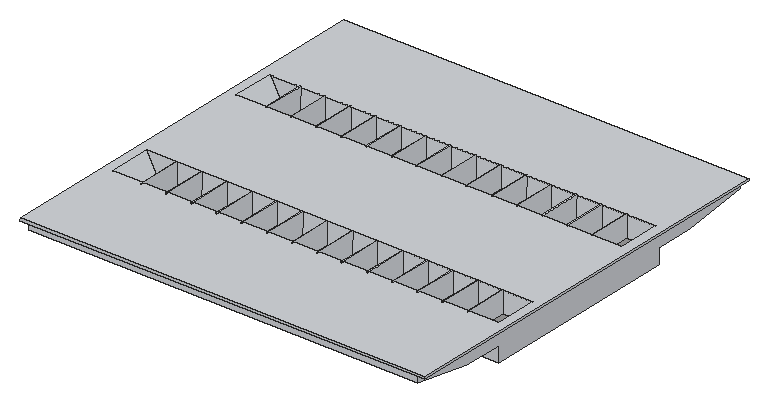
Revit family "0052584 Sylvania Lighting Fixture RANA NEO 3300LM REC 600x600 830 DALI EM 2L WHITE", category Lighting Fixtures, host Face, Revit 2016
Family settings
  Host = Face
  Part Type = Normal
  Round Connector Dimension = Use Diameter
  OmniClass Number = 23.80.70.00
  OmniClass Title = Lighting
  Cut with Voids When Loaded = No
  Light Source = Yes
  Shared = No
  Room Calculation Point = No
Parameters (values of type "0052584 RANA NEO 3300LM R 600 830 DALI EM 2L WHT")
  fin7 = 37 mm
  fin3 = 332 mm
  fin2 [instance] = 368 mm
  fin 6 = 110 mm
  fin 5 = 185 mm
  fin 4 = 258 mm
  fin 3 [instance] = 318 mm
  fin 2 = 407 mm
  fin 1 = 480 mm
  Width_SYL = if([600x600_SYL], 595 mm, if([625x625_SYL], 620 mm, if([1200_SYL], 296 mm, 306 mm)))  # 595 mm
  Weight = "n/a"
  Wattage Comments = ""
  Wattage = 28 W
  WarrantyStartDate [instance] = "n/a"
  WarrantyGuarantorParts = "n/a"
  WarrantyDurationUnit = "n/a"
  WarrantyDurationParts = ""
  WarrantyDescription = "http://www.sylvania-lighting.com"
  built-in parameter 1150110 = 1 (stored number, unit not read)
  Voltage = 0 V
  URL = "0.96"
  TypeName = "RANA NEO 3300LM REC 600x600 830 DALI EM 2L WHITE"
  Type Image = <None>
  Type Comments = "n/a"
  built-in parameter 1114217 = 1 (stored number, unit not read)
  TopWidth_SYL = if([600x600_SYL], 295 mm, if([625x625_SYL], 295 mm, if([1200_SYL], 165 mm, 165 mm)))  # 295 mm
  Tilt Angle = -90.00°
  built-in parameter 1150109 = 1 (stored number, unit not read)
  built-in parameter 1150134 = (empty or 0)
  built-in parameter 1150113 = 1 (stored number, unit not read)
  SlopeTopWidth_SYL = if([600x600_SYL], 410 mm, if([625x625_SYL], 410 mm, if([1200_SYL], 168 mm, 168 mm)))  # 410 mm
  SlopeBottomWidth_SYL = if([600x600_SYL], 593 mm, if([625x625_SYL], 593 mm, if([1200_SYL], 244 mm, 244 mm)))  # 593 mm
  SlopeHeight_SYL = if([600x600_SYL], 17 mm, if([625x625_SYL], 17 mm, if([1200_SYL], 40 mm, 40 mm)))  # 17 mm
  SerialNumber [instance] = "n/a"
  ReflectorNumber_SYL = if([1Ref_SYL], 2, if([2Ref_SYL], 2, 3))  # 2
  ReflectorLength_SYL = Length_SYL - Inset_SYL * 2 - 5 mm  # 550 mm
  ReflectorInset_SYL = if([1Ref_SYL], 82.4 mm, if([2Ref_SYL], 30 mm, 30 mm))  # 30 mm
  Photometric Web File = "0052584.ies"
  Material_3_SYL = none
  PowerFactor = 0.95
  PowerConsumption = "Lighting"
  NominalLength = 595 mm
  NominalHeight = 60 mm
  NominalDepth = 595 mm
  Name = "RANA NEO 3300LM REC 600x600 830 DALI EM 2L WHITE"
  ModelReference = Name  # "RANA NEO 3300LM REC 600x600 830 DALI EM 2L WHITE"
  ModelNumber = "0052584"
  Model = Name  # "RANA NEO 3300LM REC 600x600 830 DALI EM 2L WHITE"
  Material = "Feilo Sylvania"
  ManufacturerName = "101 lm/W"
  Manufacturer = ""
  LuminousEfficacy = ""
  built-in parameter 1150105 = 222.82 (stored number, unit not read)
  Lumens = 2800 lm
  LuminaireType = "0"
  built-in parameter 1150115 = 1 (stored number, unit not read)
  LouverNumber_SYL = if([600x600_SYL], 14, if([625x625_SYL], 14, if([1200_SYL], 28, 28)))  # 14
  LightOutputRatio = "LED"
  built-in parameter 1150137 = (empty or 0)
  built-in parameter 1150139 = (empty or 0)
  Length_SYL = if([600x600_SYL], 595 mm, if([625x625_SYL], 620 mm, if([1200_SYL], 1196 mm, 1246 mm)))  # 595 mm
  LampsType = Lamp  # "n/a"
  LampNominalLuminous = "3000 K"
  LampMacAdamStep = "80"
  LampColourTemperature = "LED"
  LampColourRenderingIndex = "16500"
  built-in parameter 1150112 = 1 (stored number, unit not read)
  built-in parameter 1150114 = 1 (stored number, unit not read)
  Lamp = "n/a"
  LED position [instance] = 410 mm
  LED inside width = 165 mm
  LED inner void = 521.5 mm
  LED Width = 290 mm
  LED Length = 568 mm
  Keynote = "n/a"
  InstallationDate [instance] = "n/a"
  Inset_SYL = 20 mm  # constant formula
  InputVoltage = "0"
  InputNominalFrequency = "3000"
  built-in parameter 1150132 = (empty or 0)
  built-in parameter 1150102 = (empty or 0)
  built-in parameter 1150107 = 3000 (stored number, unit not read)
  built-in parameter 1150138 = (empty or 0)
  IngressProtection = "IfcLightFixtureType"
  ImpactProtectionIndex = "IfcLightFixtureType"
  built-in parameter 1150106 = 2.2282 (stored number, unit not read)
  IfcExportType = "IfcLightFixtureType"
  IfcExportAs = "Class I"
  Height = 52 mm
  Emit from Rectangle Width = if([1Ref_SYL], 48 mm, TopWidth_SYL - 13 mm)  # 282 mm
  Emit from Rectangle Length = ReflectorLength_SYL - 8 mm  # 542 mm
  Emit Shape Visible in Rendering = no
  ElectricShockClassification = "101"
  built-in parameter 1150104 = 9.2903 (stored number, unit not read)
  DocumentationLiterature = "http://www.sylvania-lighting.com/product/en-int/products/0052584"
  DimmingControlOptions = "n/a"
  Material_2_SYL = none
  Dimming Lamp Color Temperature Shift = <None>
  Description = "-"
  Default Elevation = 1219.2 mm
  CreatedOn = "25/11/2019"
  CreatedBy = "@sylvania-lighting.com"
  Cost = 0
  Color Filter = 16777215
  built-in parameter 1114216 [instance] = (empty or 0)
  ClassificationValue = "EF_70_80"
  ClassificationName = "Uniclass2015"
  Material_1_SYL = none
  BarCode [instance] = "n/a"
  built-in parameter 1114218 = 1 (stored number, unit not read)
  built-in parameter 1150133 = 10 (stored number, unit not read)
  AssetType = "Fixed"
  AssetIdentifier [instance] = "n/a"
  Assembly Code = "D5020200"
  Apparent Load = 33 VA
  Material_4_SYL = none
  625x625_SYL = no
  600x600_SYL = yes
  2Ref_SYL = yes
  1Ref_SYL = no
  1200_SYL = no
Reference planes
  plane 1 "Center (Front/Back)": y = 0
  plane 2: z = 0
  plane 3 "Center (Left/Right)": x = 0
  plane 4: x = 297.5
  plane 5: x = -297.5
  plane 6: y = 297.5
  plane 7: y = -297.5
  plane 8: z = -120
  plane 9: z = -3
  plane 10: z = -12
  plane 11: z = -29
  plane 12: z = -52
  plane 13: y = -296.5
  plane 14: y = 296.5
  plane 15: y = 145
  plane 16: y = -145
  plane 17: y = 82.5
  plane 18: y = -82.5
  plane 19: x = -284
  plane 20: x = 284
  plane 21: y = 141
  plane 22: y = 86.5
  plane 23: x = -264
  plane 24: x = 257.5
  plane 25: x = -286
  plane 26: x = 286
  plane 27: y = -86.5
  plane 28: y = -141
  plane 29: x = 18.5
  plane 30: x = -18.5
  plane 31: x = 55
  plane 32: x = -55
  plane 33: x = 92.5
  plane 34: x = -92.5
  plane 35: x = 129
  plane 36: x = -129
  plane 37: x = 166
  plane 38: x = -166
  plane 39: x = -203.5
  plane 40: x = 203.5
  plane 41: x = -240
  plane 42: x = 240
  plane 43: x = 169.5
  plane 44: x = 162.5
  plane 45: x = 166.5
  plane 46: x = 165.5
Forms (mm)
  Extrusion 1, void
    sketch origin (0, 0, 0) x (1, 0, 0) y (0, 1, 0)
      loop
        line (-297.5, 297.5) -> (-297.5, -297.5) -> (297.5, -297.5) -> (297.5, 297.5) -> (-297.5, 297.5)
    from -120 to 0
  Extrusion 2, solid, detail levels medium+fine
    sketch origin (0, 0, 0) x (0, 1, 0) y (0, 0, 1)
      loop
        line (-296.5, 0) -> (-296.5, -12) -> (-205, -29) -> (-147.5, -29) -> (-147.5, -52) -> (147.5, -52) -> (147.5, -29) -> (205, -29) -> (296.5, -17.514) -> (296.5, 0) -> (-296.5, 0)
    from -286 to 286
  Extrusion 3, solid, detail levels medium+fine
    sketch origin (275, 1524, 1219.2) x (0, 1, 0) y (0, 0, 1)
      loop
        line (-1226.5, -1222.2) -> (-1226.5, -1219.2) -> (-1820.5, -1219.2) -> (-1820.5, -1222.2) -> (-1226.5, -1222.2)
    from 11 to 22.5
  Extrusion 4, solid, detail levels medium+fine
    sketch origin (-275, 1524, 1219.2) x (0, 1, 0) y (0, 0, 1)
      loop
        line (-1820.5, -1222.2) -> (-1227.5, -1222.2) -> (-1227.5, -1219.2) -> (-1820.5, -1219.2) -> (-1820.5, -1222.2)
    from -11 to -22.5
  Extrusion 5, solid, detail levels medium+fine
    sketch origin (0, 0, 0) x (0, 1, 0) y (0, 0, 1)
      loop
        line (-297.5, 0) -> (-297.5, -3) -> (-296.5, -3) -> (-296.5, 0) -> (-297.5, 0)
      loop
        line (297.5, -3) -> (297.5, 0) -> (296.5, 0) -> (296.5, -3) -> (297.5, -3)
    from -297.5 to 297.5
  Blend 6, void
    base sketch origin (0, 0, 0) x (1, 0, 0) y (0, 1, 0)
      loop
        line (-284, 145) -> (-284, 82.5) -> (284, 82.5) -> (284, 145) -> (-284, 145)
    top sketch origin (0, 0, 0) x (1, 0, 0) y (0, 1, 0)
      loop
        line (-264, 141) -> (-264, 86.5) -> (257.5, 86.5) -> (257.5, 141) -> (-264, 141)
    from 0 to -29
  Blend 7, void
    base sketch origin (0, 0, 0) x (1, 0, 0) y (0, 1, 0)
      loop
        line (-284, -82.5) -> (-284, -145) -> (284, -145) -> (284, -82.5) -> (-284, -82.5)
    top sketch origin (0, 0, 0) x (1, 0, 0) y (0, 1, 0)
      loop
        line (257.5, -86.5) -> (-264, -86.5) -> (-264, -141) -> (257.5, -141) -> (257.5, -86.5)
    from 0 to -29
  Extrusion 8, solid, detail levels fine
    sketch origin (0, 0, 0) x (1, 0, 0) y (0, 0, 1)
      loop
        line (162.5, -29) -> (169.5, -29) -> (166.5, 0) -> (165.5, 0) -> (162.5, -29)
    from -145 to -82.5
  Extrusion 9, solid, detail levels fine
    sketch origin (37.5, 0, 0) x (1, 0, 0) y (0, 0, 1)
      loop
        line (162.5, -29) -> (169.5, -29) -> (166.5, 0) -> (165.5, 0) -> (162.5, -29)
    from -145 to -82.5
  Extrusion 10, solid, detail levels fine
    sketch origin (74, 0, 0) x (1, 0, 0) y (0, 0, 1)
      loop
        line (162.5, -29) -> (169.5, -29) -> (166.5, 0) -> (165.5, 0) -> (162.5, -29)
    from -145 to -82.5
  Extrusion 11, solid, detail levels fine
    sketch origin (-37, 0, 0) x (1, 0, 0) y (0, 0, 1)
      loop
        line (162.5, -29) -> (169.5, -29) -> (166.5, 0) -> (165.5, 0) -> (162.5, -29)
    from -145 to -82.5
  Extrusion 12, solid, detail levels fine
    sketch origin (-73.5, 0, 0) x (1, 0, 0) y (0, 0, 1)
      loop
        line (162.5, -29) -> (169.5, -29) -> (166.5, 0) -> (165.5, 0) -> (162.5, -29)
    from -145 to -82.5
  Extrusion 13, solid, detail levels fine
    sketch origin (-111, 0, 0) x (1, 0, 0) y (0, 0, 1)
      loop
        line (162.5, -29) -> (169.5, -29) -> (166.5, 0) -> (165.5, 0) -> (162.5, -29)
    from -145 to -82.5
  Extrusion 14, solid, detail levels fine
    sketch origin (-147.5, 0, 0) x (1, 0, 0) y (0, 0, 1)
      loop
        line (162.5, -29) -> (169.5, -29) -> (166.5, 0) -> (165.5, 0) -> (162.5, -29)
    from -145 to -82.5
  Extrusion 15, solid, detail levels fine
    sketch origin (-184.5, 0, 0) x (1, 0, 0) y (0, 0, 1)
      loop
        line (162.5, -29) -> (169.5, -29) -> (166.5, 0) -> (165.5, 0) -> (162.5, -29)
    from -145 to -82.5
  Extrusion 16, solid, detail levels fine
    sketch origin (-221, 0, 0) x (1, 0, 0) y (0, 0, 1)
      loop
        line (162.5, -29) -> (169.5, -29) -> (166.5, 0) -> (165.5, 0) -> (162.5, -29)
    from -145 to -82.5
  Extrusion 17, solid, detail levels fine
    sketch origin (-258.5, 0, 0) x (1, 0, 0) y (0, 0, 1)
      loop
        line (162.5, -29) -> (169.5, -29) -> (166.5, 0) -> (165.5, 0) -> (162.5, -29)
    from -145 to -82.5
  Extrusion 18, solid, detail levels fine
    sketch origin (-295, 0, 0) x (1, 0, 0) y (0, 0, 1)
      loop
        line (162.5, -29) -> (169.5, -29) -> (166.5, 0) -> (165.5, 0) -> (162.5, -29)
    from -145 to -82.5
  Extrusion 19, solid, detail levels fine
    sketch origin (-332, 0, 0) x (1, 0, 0) y (0, 0, 1)
      loop
        line (162.5, -29) -> (169.5, -29) -> (166.5, 0) -> (165.5, 0) -> (162.5, -29)
    from -145 to -82.5
  Extrusion 20, solid, detail levels fine
    sketch origin (-369.5, 0, 0) x (1, 0, 0) y (0, 0, 1)
      loop
        line (162.5, -29) -> (169.5, -29) -> (166.5, 0) -> (165.5, 0) -> (162.5, -29)
    from -145 to -82.5
  Extrusion 21, solid, detail levels fine
    sketch origin (-406, 0, 0) x (1, 0, 0) y (0, 0, 1)
      loop
        line (162.5, -29) -> (169.5, -29) -> (166.5, 0) -> (165.5, 0) -> (162.5, -29)
    from -145 to -82.5
  Extrusion 22, solid, detail levels fine
    sketch origin (-406.072, 0, -0.017) x (1, 0, 0) y (0, 0, 1)
      loop
        line (162.5, -29) -> (169.5, -29) -> (166.5, 0) -> (165.5, 0) -> (162.5, -29)
    from 82.5 to 147.5
  Extrusion 23, solid, detail levels fine
    sketch origin (-369.572, 0, -0.017) x (1, 0, 0) y (0, 0, 1)
      loop
        line (162.5, -29) -> (169.5, -29) -> (166.5, 0) -> (165.5, 0) -> (162.5, -29)
    from 82.5 to 147.5
  Extrusion 24, solid, detail levels fine
    sketch origin (-331.998, 0, -0.017) x (1, 0, 0) y (0, 0, 1)
      loop
        line (162.5, -29) -> (169.5, -29) -> (166.5, 0) -> (165.5, 0) -> (162.5, -29)
    from 82.5 to 147.5
  Extrusion 25, solid, detail levels fine
    sketch origin (-294.998, 0, -0.017) x (1, 0, 0) y (0, 0, 1)
      loop
        line (162.5, -29) -> (169.5, -29) -> (166.5, 0) -> (165.5, 0) -> (162.5, -29)
    from 82.5 to 147.5
  Extrusion 26, solid, detail levels fine
    sketch origin (-258.498, 0, -0.017) x (1, 0, 0) y (0, 0, 1)
      loop
        line (162.5, -29) -> (169.5, -29) -> (166.5, 0) -> (165.5, 0) -> (162.5, -29)
    from 82.5 to 147.5
  Extrusion 27, solid, detail levels fine
    sketch origin (-221, 0, -0.017) x (1, 0, 0) y (0, 0, 1)
      loop
        line (162.5, -29) -> (169.5, -29) -> (166.5, 0) -> (165.5, 0) -> (162.5, -29)
    from 82.5 to 147.5
  Extrusion 28, solid, detail levels fine
    sketch origin (-184.5, 0, -0.017) x (1, 0, 0) y (0, 0, 1)
      loop
        line (162.5, -29) -> (169.5, -29) -> (166.5, 0) -> (165.5, 0) -> (162.5, -29)
    from 82.5 to 147.5
  Extrusion 29, solid, detail levels fine
    sketch origin (-147.5, 0, -0.017) x (1, 0, 0) y (0, 0, 1)
      loop
        line (162.5, -29) -> (169.5, -29) -> (166.5, 0) -> (165.5, 0) -> (162.5, -29)
    from 82.5 to 147.5
  Extrusion 30, solid, detail levels fine
    sketch origin (-111, 0, -0.017) x (1, 0, 0) y (0, 0, 1)
      loop
        line (162.5, -29) -> (169.5, -29) -> (166.5, 0) -> (165.5, 0) -> (162.5, -29)
    from 82.5 to 147.5
  Extrusion 31, solid, detail levels fine
    sketch origin (-73.5, 0, -0.017) x (1, 0, 0) y (0, 0, 1)
      loop
        line (162.5, -29) -> (169.5, -29) -> (166.5, 0) -> (165.5, 0) -> (162.5, -29)
    from 82.5 to 147.5
  Extrusion 32, solid, detail levels fine
    sketch origin (-37, 0, -0.017) x (1, 0, 0) y (0, 0, 1)
      loop
        line (162.5, -29) -> (169.5, -29) -> (166.5, 0) -> (165.5, 0) -> (162.5, -29)
    from 82.5 to 147.5
  Extrusion 33, solid, detail levels fine
    sketch origin (0, 0, -0.017) x (1, 0, 0) y (0, 0, 1)
      loop
        line (162.5, -29) -> (169.5, -29) -> (166.5, 0) -> (165.5, 0) -> (162.5, -29)
    from 82.5 to 147.5
  Extrusion 34, solid, detail levels fine
    sketch origin (37.5, 0, -0.017) x (1, 0, 0) y (0, 0, 1)
      loop
        line (162.5, -29) -> (169.5, -29) -> (166.5, 0) -> (165.5, 0) -> (162.5, -29)
    from 82.5 to 147.5
  Extrusion 35, solid, detail levels fine
    sketch origin (74, 0, -0.017) x (1, 0, 0) y (0, 0, 1)
      loop
        line (162.5, -29) -> (169.5, -29) -> (166.5, 0) -> (165.5, 0) -> (162.5, -29)
    from 82.5 to 147.5
  Extrusion 36, solid, material "Glass, White, High Luminance", detail levels fine
    sketch origin (0, 0, 0) x (1, 0, 0) y (0, 1, 0)
      loop
        line (-264, 141) -> (-264, 86.5) -> (257.5, 86.5) -> (257.5, 141) -> (-264, 141)
    from -29 to -28
  Extrusion 37, solid, material "Glass, White, High Luminance", detail levels fine
    sketch origin (0, 0, 0) x (1, 0, 0) y (0, 1, 0)
      loop
        line (-264, -86.5) -> (-264, -141) -> (257.5, -141) -> (257.5, -86.5) -> (-264, -86.5)
    from -29 to -28
  Extrusion 38, solid, detail levels coarse
    sketch origin (0, 0, 0) x (1, 0, 0) y (0, 1, 0)
      loop
        line (-297.5, 297.5) -> (-297.5, -297.5) -> (297.5, -297.5) -> (297.5, 297.5) -> (-297.5, 297.5)
    from -52 to 0
Cuts and joins
  Blend 6, Blend 7 cuts Extrusion 2
  Blend 6, Blend 7 cuts Extrusion 3
  Blend 6, Blend 7 cuts Extrusion 4
  Blend 6, Blend 7 cuts Extrusion 5
  joined: Extrusion 2, Extrusion 3, Extrusion 4, Extrusion 5
Dimensions and locks
  "Length_SYL": plane 5 to plane 4
  locked: plane 2 to plane 8 at 120
  locked: plane 2 to plane 9 at 3
  locked: plane 2 to plane 10 at 12
  "SlopeHeight_SYL": plane 11 to plane 10
  "Height": plane 2 to plane 12
  equal spacing: plane 13, plane 1 "Center (Front/Back)", plane 14
  "SlopeBottomWidth_SYL": plane 13 to plane 14
  "LED Width": plane 15 to plane 16
  equal spacing: plane 15, plane 1 "Center (Front/Back)", plane 16
  "LED inside width": plane 17 to plane 18
  equal spacing: plane 17, plane 1 "Center (Front/Back)", plane 18
  "LED Length": plane 19 to plane 20
  equal spacing: plane 19, plane 3 "Center (Left/Right)", plane 20
  "LED inner void": plane 23 to plane 24
  "fin7": plane 29 to plane 30
  equal spacing: plane 29, plane 3 "Center (Left/Right)", plane 30
  "fin 6": plane 31 to plane 32
  equal spacing: plane 31, plane 3 "Center (Left/Right)", plane 32
  "fin 5": plane 33 to plane 34
  equal spacing: plane 33, plane 3 "Center (Left/Right)", plane 34
  "fin 4": plane 35 to plane 36
  equal spacing: plane 35, plane 3 "Center (Left/Right)", plane 36
  "fin 2": plane 40 to plane 39
  equal spacing: plane 40, plane 3 "Center (Left/Right)", plane 39
  "fin3": plane 37 to plane 38
  equal spacing: plane 37, plane 3 "Center (Left/Right)", plane 38
  "fin 1": plane 42 to plane 41
  equal spacing: plane 42, plane 3 "Center (Left/Right)", plane 41
  aligned and locked: plane 2 to host face
  aligned and locked: level to host face
  aligned and locked: plane 6 to Extrusion 1 sketch curve
  aligned and locked: plane 5 to Extrusion 1 sketch curve
  aligned and locked: Extrusion 1 sketch curve to plane 7
  aligned and locked: Extrusion 1 sketch curve to plane 4
  aligned and locked: level to Extrusion 1
  aligned and locked: plane 8 to Extrusion 1
  aligned and locked: plane 2 to Extrusion 1
  aligned and locked: plane 10 to Extrusion 2 sketch curve
  aligned and locked: plane 12 to Extrusion 2 sketch curve
  aligned and locked: plane 11 to Extrusion 2 sketch curve  (x2)
  aligned and locked: Extrusion 2 sketch curve to level
  aligned and locked: Extrusion 3 sketch curve to Extrusion 2
  aligned and locked: plane 6 to Extrusion 3 sketch curve
  aligned and locked: plane 4 to Extrusion 3
  aligned and locked: cut or joined group of Extrusion 2, Extrusion 3, Extrusion 4, Extrusion 5, Blend 6, Blend 7 to Extrusion 4 sketch curve  (x3)
  aligned and locked: Extrusion 4 sketch curve to cut or joined group of Extrusion 2, Extrusion 3, Extrusion 4, Extrusion 5, Blend 6, Blend 7
  aligned and locked: Extrusion 4 to plane 5
  aligned and locked: Extrusion 3 to Extrusion 2
  aligned and locked: Extrusion 4 to Extrusion 2
  aligned and locked: plane 14 to Extrusion 2 sketch curve
  aligned and locked: plane 13 to Extrusion 2 sketch curve
  aligned and locked: Extrusion 5 sketch curve to level  (x2)
  aligned and locked: Extrusion 5 sketch curve to plane 7
  aligned and locked: Extrusion 5 sketch curve to cut or joined group of Extrusion 2, Extrusion 3, Extrusion 4, Extrusion 5, Blend 6, Blend 7  (x4)
  aligned and locked: cut or joined group of Extrusion 2, Extrusion 3, Extrusion 4, Extrusion 5, Blend 6, Blend 7 to Extrusion 5 sketch curve
  aligned and locked: Extrusion 5 to plane 5
  aligned and locked: plane 4 to Extrusion 5
Automatic sketch dimensions
  host sketch curve to host sketch curve = 1219.2 mm
  host sketch curve to host sketch curve = 1211.616 mm
  Extrusion 2 sketch curve to plane 16 = 60 mm
  Extrusion 2 sketch curve to plane 16 = 2.5 mm
  plane 15 to Extrusion 2 sketch curve = 2.5 mm
  Extrusion 2 sketch curve to Extrusion 2 sketch curve = 57.5 mm
  plane 10 to Extrusion 2 sketch curve = 5.514 mm
  plane 9 to Extrusion 3 sketch curve = 0 mm
  Extrusion 3 sketch curve to plane 13 = 0 mm
  Blend 6 sketch curve to plane 17 = 0 mm
  Blend 6 sketch curve to plane 19 = 0 mm
  Blend 6 sketch curve to plane 20 = 0 mm
  Blend 6 sketch curve to plane 15 = 0 mm
  Blend 6 sketch curve to plane 22 = 0 mm
  Blend 6 sketch curve to plane 23 = 0 mm
  Blend 6 sketch curve to plane 24 = 0 mm
  Blend 6 sketch curve to plane 21 = 0 mm
  Blend 7 sketch curve to plane 16 = 0 mm
  Blend 7 sketch curve to plane 19 = 0 mm
  Blend 7 sketch curve to plane 20 = 0 mm
  Blend 7 sketch curve to plane 18 = 0 mm
  Blend 7 sketch curve to plane 23 = 0 mm
  Blend 7 sketch curve to plane 24 = 0 mm
  Blend 7 sketch curve to plane 28 = 0 mm
  Blend 7 sketch curve to plane 27 = 0 mm
  Extrusion 8 sketch curve to plane 11 = 0 mm
  Extrusion 8 sketch curve to plane 44 = 0 mm
  Extrusion 8 sketch curve to level = 0 mm
  Extrusion 8 sketch curve to plane 46 = 0 mm
  Extrusion 8 sketch curve to plane 45 = 0 mm
  Extrusion 8 sketch curve to plane 43 = 0 mm
  Extrusion 9 sketch curve to plane 11 = 0 mm
  Extrusion 9 sketch curve to level = 0 mm
  Extrusion 9 sketch curve to plane 40 = 3.5 mm
  Extrusion 9 sketch curve to plane 40 = 0.5 mm
  plane 40 to Extrusion 9 sketch curve = 0.5 mm
  plane 40 to Extrusion 9 sketch curve = 3.5 mm
  Extrusion 10 sketch curve to plane 11 = 0 mm
  Extrusion 10 sketch curve to level = 0 mm
  Extrusion 10 sketch curve to plane 42 = 3.5 mm
  Extrusion 10 sketch curve to plane 42 = 0.5 mm
  plane 42 to Extrusion 10 sketch curve = 0.5 mm
  plane 42 to Extrusion 10 sketch curve = 3.5 mm
  Extrusion 11 sketch curve to plane 11 = 0 mm
  Extrusion 11 sketch curve to level = 0 mm
  Extrusion 11 sketch curve to plane 35 = 3.5 mm
  Extrusion 11 sketch curve to plane 35 = 0.5 mm
  plane 35 to Extrusion 11 sketch curve = 0.5 mm
  plane 35 to Extrusion 11 sketch curve = 3.5 mm
  Extrusion 12 sketch curve to plane 11 = 0 mm
  Extrusion 12 sketch curve to level = 0 mm
  Extrusion 12 sketch curve to plane 33 = 3.5 mm
  Extrusion 12 sketch curve to plane 33 = 0.5 mm
  plane 33 to Extrusion 12 sketch curve = 0.5 mm
  plane 33 to Extrusion 12 sketch curve = 3.5 mm
  Extrusion 13 sketch curve to plane 11 = 0 mm
  Extrusion 13 sketch curve to level = 0 mm
  Extrusion 13 sketch curve to plane 31 = 3.5 mm
  Extrusion 13 sketch curve to plane 31 = 0.5 mm
  plane 31 to Extrusion 13 sketch curve = 0.5 mm
  plane 31 to Extrusion 13 sketch curve = 3.5 mm
  Extrusion 14 sketch curve to plane 11 = 0 mm
  Extrusion 14 sketch curve to level = 0 mm
  Extrusion 14 sketch curve to plane 29 = 3.5 mm
  Extrusion 14 sketch curve to plane 29 = 0.5 mm
  plane 29 to Extrusion 14 sketch curve = 0.5 mm
  plane 29 to Extrusion 14 sketch curve = 3.5 mm
  Extrusion 15 sketch curve to plane 11 = 0 mm
  Extrusion 15 sketch curve to level = 0 mm
  Extrusion 15 sketch curve to plane 30 = 3.5 mm
  Extrusion 15 sketch curve to plane 30 = 0.5 mm
  plane 30 to Extrusion 15 sketch curve = 0.5 mm
  plane 30 to Extrusion 15 sketch curve = 3.5 mm
  Extrusion 16 sketch curve to plane 11 = 0 mm
  Extrusion 16 sketch curve to level = 0 mm
  Extrusion 16 sketch curve to plane 32 = 3.5 mm
  Extrusion 16 sketch curve to plane 32 = 0.5 mm
  plane 32 to Extrusion 16 sketch curve = 0.5 mm
  plane 32 to Extrusion 16 sketch curve = 3.5 mm
  Extrusion 17 sketch curve to plane 11 = 0 mm
  Extrusion 17 sketch curve to level = 0 mm
  Extrusion 17 sketch curve to plane 34 = 3.5 mm
  Extrusion 17 sketch curve to plane 34 = 0.5 mm
  plane 34 to Extrusion 17 sketch curve = 0.5 mm
  plane 34 to Extrusion 17 sketch curve = 3.5 mm
  Extrusion 18 sketch curve to plane 11 = 0 mm
  Extrusion 18 sketch curve to level = 0 mm
  Extrusion 18 sketch curve to plane 36 = 3.5 mm
  Extrusion 18 sketch curve to plane 36 = 0.5 mm
  plane 36 to Extrusion 18 sketch curve = 0.5 mm
  plane 36 to Extrusion 18 sketch curve = 3.5 mm
  Extrusion 19 sketch curve to plane 11 = 0 mm
  Extrusion 19 sketch curve to level = 0 mm
  Extrusion 19 sketch curve to plane 38 = 3.5 mm
  Extrusion 19 sketch curve to plane 38 = 0.5 mm
  plane 38 to Extrusion 19 sketch curve = 0.5 mm
  plane 38 to Extrusion 19 sketch curve = 3.5 mm
  Extrusion 20 sketch curve to plane 11 = 0 mm
  Extrusion 20 sketch curve to level = 0 mm
  Extrusion 20 sketch curve to plane 39 = 3.5 mm
  Extrusion 20 sketch curve to plane 39 = 0.5 mm
  plane 39 to Extrusion 20 sketch curve = 0.5 mm
  plane 39 to Extrusion 20 sketch curve = 3.5 mm
  Extrusion 21 sketch curve to plane 11 = 0 mm
  Extrusion 21 sketch curve to level = 0 mm
  Extrusion 21 sketch curve to plane 41 = 3.5 mm
  Extrusion 21 sketch curve to plane 41 = 0.5 mm
  plane 41 to Extrusion 21 sketch curve = 0.5 mm
  plane 41 to Extrusion 21 sketch curve = 3.5 mm
  plane 11 to Extrusion 22 sketch curve = 0.017 mm
  Extrusion 22 sketch curve to plane 41 = 3.572 mm
  Extrusion 22 sketch curve to level = 0.017 mm
  Extrusion 22 sketch curve to plane 41 = 0.572 mm
  plane 41 to Extrusion 22 sketch curve = 0.428 mm
  plane 41 to Extrusion 22 sketch curve = 3.428 mm
  plane 11 to Extrusion 23 sketch curve = 0.017 mm
  Extrusion 23 sketch curve to plane 39 = 3.572 mm
  Extrusion 23 sketch curve to level = 0.017 mm
  Extrusion 23 sketch curve to plane 39 = 0.572 mm
  plane 39 to Extrusion 23 sketch curve = 0.428 mm
  plane 39 to Extrusion 23 sketch curve = 3.428 mm
  plane 11 to Extrusion 24 sketch curve = 0.017 mm
  Extrusion 24 sketch curve to plane 38 = 3.498 mm
  Extrusion 24 sketch curve to level = 0.017 mm
  Extrusion 24 sketch curve to plane 38 = 0.498 mm
  plane 38 to Extrusion 24 sketch curve = 0.502 mm
  plane 38 to Extrusion 24 sketch curve = 3.502 mm
  plane 11 to Extrusion 25 sketch curve = 0.017 mm
  Extrusion 25 sketch curve to plane 36 = 3.498 mm
  Extrusion 25 sketch curve to level = 0.017 mm
  Extrusion 25 sketch curve to plane 36 = 0.498 mm
  plane 36 to Extrusion 25 sketch curve = 0.502 mm
  plane 36 to Extrusion 25 sketch curve = 3.502 mm
  plane 11 to Extrusion 26 sketch curve = 0.017 mm
  Extrusion 26 sketch curve to plane 34 = 3.498 mm
  Extrusion 26 sketch curve to level = 0.017 mm
  Extrusion 26 sketch curve to plane 34 = 0.498 mm
  plane 34 to Extrusion 26 sketch curve = 0.502 mm
  plane 34 to Extrusion 26 sketch curve = 3.502 mm
  plane 11 to Extrusion 27 sketch curve = 0.017 mm
  Extrusion 27 sketch curve to plane 32 = 3.5 mm
  Extrusion 27 sketch curve to level = 0.017 mm
  Extrusion 27 sketch curve to plane 32 = 0.5 mm
  plane 32 to Extrusion 27 sketch curve = 0.5 mm
  plane 32 to Extrusion 27 sketch curve = 3.5 mm
  plane 11 to Extrusion 28 sketch curve = 0.017 mm
  Extrusion 28 sketch curve to plane 30 = 3.5 mm
  Extrusion 28 sketch curve to level = 0.017 mm
  Extrusion 28 sketch curve to plane 30 = 0.5 mm
  plane 30 to Extrusion 28 sketch curve = 0.5 mm
  plane 30 to Extrusion 28 sketch curve = 3.5 mm
  plane 11 to Extrusion 29 sketch curve = 0.017 mm
  Extrusion 29 sketch curve to plane 29 = 3.5 mm
  Extrusion 29 sketch curve to level = 0.017 mm
  Extrusion 29 sketch curve to plane 29 = 0.5 mm
  plane 29 to Extrusion 29 sketch curve = 0.5 mm
  plane 29 to Extrusion 29 sketch curve = 3.5 mm
  plane 11 to Extrusion 30 sketch curve = 0.017 mm
  Extrusion 30 sketch curve to plane 31 = 3.5 mm
  Extrusion 30 sketch curve to level = 0.017 mm
  Extrusion 30 sketch curve to plane 31 = 0.5 mm
  plane 31 to Extrusion 30 sketch curve = 0.5 mm
  plane 31 to Extrusion 30 sketch curve = 3.5 mm
  plane 11 to Extrusion 31 sketch curve = 0.017 mm
  Extrusion 31 sketch curve to plane 33 = 3.5 mm
  Extrusion 31 sketch curve to level = 0.017 mm
  Extrusion 31 sketch curve to plane 33 = 0.5 mm
  plane 33 to Extrusion 31 sketch curve = 0.5 mm
  plane 33 to Extrusion 31 sketch curve = 3.5 mm
  plane 11 to Extrusion 32 sketch curve = 0.017 mm
  Extrusion 32 sketch curve to plane 35 = 3.5 mm
  Extrusion 32 sketch curve to level = 0.017 mm
  Extrusion 32 sketch curve to plane 35 = 0.5 mm
  plane 35 to Extrusion 32 sketch curve = 0.5 mm
  plane 35 to Extrusion 32 sketch curve = 3.5 mm
  Extrusion 33 sketch curve to plane 44 = 0 mm
  Extrusion 33 sketch curve to plane 46 = 0 mm
  Extrusion 33 sketch curve to plane 45 = 0 mm
  Extrusion 33 sketch curve to plane 43 = 0 mm
  plane 11 to Extrusion 33 sketch curve = 0.017 mm
  Extrusion 33 sketch curve to level = 0.017 mm
  plane 11 to Extrusion 34 sketch curve = 0.017 mm
  Extrusion 34 sketch curve to plane 40 = 3.5 mm
  Extrusion 34 sketch curve to level = 0.017 mm
  Extrusion 34 sketch curve to plane 40 = 0.5 mm
  plane 40 to Extrusion 34 sketch curve = 0.5 mm
  plane 40 to Extrusion 34 sketch curve = 3.5 mm
  plane 11 to Extrusion 35 sketch curve = 0.017 mm
  Extrusion 35 sketch curve to plane 42 = 3.5 mm
  Extrusion 35 sketch curve to level = 0.017 mm
  Extrusion 35 sketch curve to plane 42 = 0.5 mm
  plane 42 to Extrusion 35 sketch curve = 0.5 mm
  plane 42 to Extrusion 35 sketch curve = 3.5 mm
  Extrusion 36 sketch curve to plane 22 = 0 mm
  Extrusion 36 sketch curve to plane 23 = 0 mm
  Extrusion 36 sketch curve to plane 24 = 0 mm
  Extrusion 36 sketch curve to plane 21 = 0 mm
  Extrusion 37 sketch curve to plane 23 = 0 mm
  Extrusion 37 sketch curve to plane 24 = 0 mm
  Extrusion 37 sketch curve to plane 28 = 0 mm
  Extrusion 37 sketch curve to plane 27 = 0 mm
  Extrusion 38 sketch curve to plane 5 = 0 mm
  Extrusion 38 sketch curve to plane 4 = 0 mm
  plane 7 to Extrusion 38 sketch curve = 0 mm
  plane 6 to Extrusion 38 sketch curve = 0 mm
Connectors
  electrical at (0, 0, -52), driven by "Voltage", driven by "Apparent Load", driven by "PowerFactor"
    settings: on cut or joined group of Extrusion 2, Extrusion 3, Extrusion 4, Extrusion 5, Blend 6, Blend 7, index 1, voltage 0 V, apparent load 33 VA, apparent load phase1 0 VA, apparent load phase2 0 VA, apparent load phase3 0 VA, power factor 0.95, load classification "Lighting", number of poles 1, system type 30, power factor state 1, is connector primary yes, connector utility no, sub classification motor no, connector description ""
